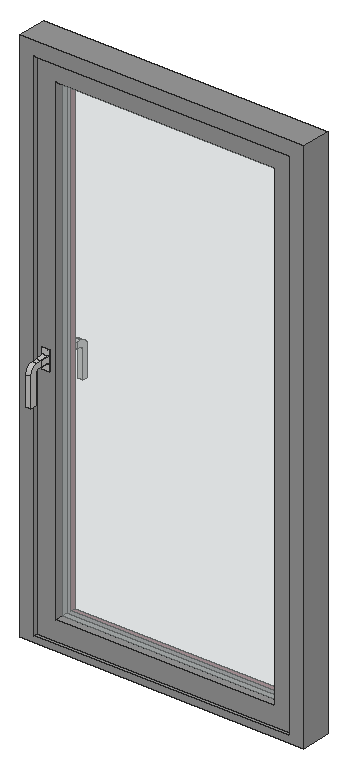
Revit family "Lian - Patio Door - Outward Opening - Wood-Aluminium", category Doors, host Wall, Revit 2017
Family settings
  Host = Wall
  Always vertical = Yes
  Cut with Voids When Loaded = No
  Shared = No
  Room Calculation Point = No
Parameters
  hosted on bimbear.com® = "www.bimbear.com"
  Width = [02.5 - Door Width]  # 1110 mm
  URL = "http://www.lian.no/"
  Type Comments = "Wood Aluminium"
  Rough Width = [02 - Opening Width]  # 1110 mm
  Rough Height = [01 - Opening Height]  # 2110 mm
  Opening Lines = yes
  OFS = [07 - Offset] + 1500 mm  # 1500 mm
  Model = "Patio Door - Outward Opening"
  Manufacturer = "Lian"
  Height = [01.5 - Door Height]  # 2110 mm
  Construction Type = ""
  Assembly Code = ""
  Analytic Construction = "<None>"
  11 - Sound Transmission Class = ""
  10 - Fire Rating = ""
  08 - Sealant Gap = 0 mm
  07 - Offset = 0 mm
  05.5 - Material Glass = Glass
  05.2 - Material Interior Frame = NCS S 0500-N
  05.1 - Material Exterior Frame = RAL 9005
  02.5 - Door Width = [02 - Opening Width] - [08 - Sealant Gap] * 2  # 1110 mm
  02 - Opening Width = 1110 mm
  01.5 - Door Height = [01 - Opening Height] - [08 - Sealant Gap]  # 2110 mm
  01 - Opening Height = 2110 mm
Reference planes
  plane 1 "Wall": y = 0
  plane 2 "Center (Left/Right)": x = 125
  plane 3 "Back": y = 75
  plane 4: x = -430
  plane 5: z = 2110
  plane 6: x = 680
  plane 7: x = -430
  plane 8: z = 0
  plane 9: x = 680
  plane 10: z = 2110
  plane 11 "Vindu": y = 0
  plane 12: y = -1500
  plane 13: z = 900
  plane 14: y = -75
  plane 15: y = -73.225
  plane 16: z = 1055
Forms (mm)
  Sweep 1, solid, material "NCS S 0500-N" <- "05.2 - Material Interior Frame"
    path origin (0, 0, 0) x (0, 0, -1) y (-1, 0, 0)
      loop
        line (0, -680) -> (-2110, -680) -> (-2110, 430) -> (0, 430)
    profile origin (125, 0, 2110) x (0, 0, 1) y (0, 1, 0)
      loop
        line (0, 27.016) -> (-35.824, 27.016) -> (-35.824, 15.799) -> (-43.802, 15.799) -> (-43.802, 27.016) -> (-122.719, 27.016) -> (-126.036, 0) -> (-112, 0) -> (-112, -44) -> (-126.143, -44) -> (-126.143, -73.284) -> (-55, -73.284) -> (-55, -88.484) -> (0, -88.484) -> (0, 27.016)
  Extrusion 2, solid, material "Glass" <- "05.5 - Material Glass"
    sketch origin (0, 0, 0) x (1, 0, 0) y (0, 1, 0)
      loop
        line (568, 0) -> (-318, 0) -> (-318, -44) -> (568, -44) -> (568, 0)
    from 84.145 to 1997.964
  Extrusion 3, solid, material "NCS S 0500-N" <- "05.2 - Material Interior Frame"
    sketch origin (125, 0, 0) x (0, 1, 0) y (0, 0, 1)
      loop
        line (27.016, 0) -> (27.016, 92.693) -> (0, 96.01) -> (0, 84.145) -> (-44, 84.145) -> (-44, 98.204) -> (-73.225, 98.204) -> (-73.225, 23.159) -> (-88.484, 23.159) -> (-88.484, 0) -> (27.016, 0)
    from -511.198 to 511.198
  Extrusion 4, void
    sketch origin (-350, 15.799, 2100) x (0, 0, -1) y (0, -1, 0)
      loop
        line (2100, -11.217) -> (2100, 3.846) -> (2085.905, 3.846) -> (2085.905, -11.217) -> (2100, -11.217)
    from 44.176 to -994.176
Cuts and joins
  Extrusion 4 cuts Sweep 1
  Extrusion 4 cuts Extrusion 3
  joined: Sweep 1, Extrusion 3
Lines and regions (mm)
  Opening 1
    outline origin (-5000, -75, 0) x (1, 0, 0) y (0, 0, 1)
      loop
        line (5680, 2110) -> (4570, 2110) -> (4570, 0) -> (5680, 0) -> (5680, 2110)
  symbolic lines, detail levels coarse
    curve 1: line (125, 0, 0) -> (125, 0, 2110)
  symbolic lines, style "Opening Lines", visible <- "Opening Lines"
    curve 2: line (-375, 0, 1000.083) -> (625, 0, 2055)
    curve 3: line (-375, 0, 1000.083) -> (625, 0, 23.159)
  symbolic lines, style "Doors", detail levels coarse
    curve 4: line (680, 1185, 0) -> (680, 75, 0)
    curve 5: arc (-430, 75, 0) -> (-104.889, 859.889, 0) -> (680, 1185, 0) r 1110
  symbolic lines, style "Doors", detail levels medium+fine
    curve 6: arc (-386.198, 26.275, 0) -> (-86.745, 749.219, 0) -> (636.198, 1048.672, 0) r 1022.397
    curve 7: line (636.198, 1048.672, 0) -> (636.198, 26.275, 0)
Text (mm)
  text "Placement Side" at (-1848.837, 1116.779, 0), in view "Ref. Level"
  text "Placement side" at (0, 1409.804, 2854.306), in view "Left"
  text "Placement side" at (0, 499.811, 2980.732), in view "Right"
Dimensions and locks
  locked: plane 3 "Back" to host wall
  equal spacing: plane 6, plane 2 "Center (Left/Right)", plane 4
  "Rough Width": plane 6 to plane 4
  "Rough Height": level to plane 5
  "08 - Sealant Gap": plane 4 to plane 7
  "08 - Sealant Gap": plane 5 to plane 10
  "08 - Sealant Gap": plane 6 to plane 9
  plane 1 "Wall" to plane 12 = 1500 mm
  "OFS": plane 11 "Vindu" to plane 12
  locked: plane 13 to level at 900
  plane 8 to nested 2 = 1000 mm
  plane 9 to nested 2 = 1020 mm
  locked: nested 2 to plane 8 at 1000
  locked: plane 7 to nested 1 at 112
  locked: plane 8 to nested 4 at 84.145
  plane 7 to Extrusion 2 sketch curve = 112 mm
  Extrusion 2 sketch curve to plane 9 = 112 mm
  locked: plane 11 "Vindu" to Extrusion 2 sketch curve at 44
  plane 7 to nested 2 = 90 mm
  locked: plane 15 to plane 11 "Vindu" at 73.225
  equal spacing: plane 8, plane 16, plane 5
  locked: nested 1 to plane 9 at 112
  locked: plane 5 to nested 4 at 112
  locked: Extrusion 3 to plane 7 at 43.802
  locked: plane 9 to Extrusion 3 at 43.802
  locked: plane 5 to Extrusion 2 at 112.036
  locked: plane 8 to Extrusion 2 at 84.145
  locked: Extrusion 2 to plane 9 at 112
  locked: plane 7 to Extrusion 2 at 112
  plane 7 to cut or joined group of Sweep 1, Extrusion 3, Extrusion 4 = 43.802 mm  (x2)
  plane 9 to cut or joined group of Sweep 1, Extrusion 3, Extrusion 4 = 43.802 mm
  locked: plane 7 to cut or joined group of Sweep 1, Extrusion 3, Extrusion 4 at 35.824
  locked: plane 9 to cut or joined group of Sweep 1, Extrusion 3, Extrusion 4 at 35.824
  locked: Extrusion 3 sketch curve to plane 11 "Vindu" at 27.016
  plane 15 to cut or joined group of Sweep 1, Extrusion 3, Extrusion 4 = 15.259 mm
  locked: plane 15 to Extrusion 3 sketch curve at 15.259
  locked: plane 7 to nested 2 at 90
  locked: plane 7 to nested 8 at 90
  locked: plane 8 to nested 8 at 988.851
  aligned and locked: plane 1 "Wall" to host wall
  aligned and locked: Opening 1 sketch curve to plane 6
  aligned and locked: level to Opening 1 sketch curve
  aligned and locked: Opening 1 sketch curve to plane 4
  aligned and locked: Opening 1 sketch curve to plane 10
  aligned and locked: plane 8 to curve 1
  aligned and locked: plane 10 to curve 1
  aligned and locked: nested 3 to plane 5
  aligned and locked: nested 3 to plane 11 "Vindu"
  aligned and locked: nested 4 to plane 11 "Vindu"
  aligned and locked: plane 11 "Vindu" to nested 5
  aligned and locked: nested 5 to plane 7
  aligned and locked: plane 11 "Vindu" to nested 6
  aligned and locked: nested 6 to plane 9
  aligned and locked: Sweep 1 sketch curve to plane 5  (x2)
  aligned and locked: Sweep 1 sketch curve to plane 9
  aligned and locked: Sweep 1 sketch curve to plane 7
  aligned and locked: plane 11 "Vindu" to Extrusion 2 sketch curve
  aligned and locked: plane 14 to host wall
  aligned and locked: nested 1 to plane 11 "Vindu"
  aligned and locked: plane 8 to nested 7
  aligned and locked: plane 11 "Vindu" to nested 7
  aligned and locked: Sweep 1 sketch curve to nested 3  (x11)
  aligned and locked: nested 3 to Sweep 1 sketch curve  (x2)
  aligned and locked: Extrusion 3 sketch curve to nested 7  (x4)
  aligned and locked: plane 8 to Extrusion 3 sketch curve
  aligned and locked: Extrusion 3 sketch curve to nested 4
  aligned and locked: Extrusion 4 sketch curve to nested 7
  aligned and locked: plane 8 to Extrusion 4 sketch curve
  aligned and locked: nested 7 to Extrusion 4 sketch curve
  aligned and locked: cut or joined group of Sweep 1, Extrusion 3, Extrusion 4 to Extrusion 4 sketch curve
  aligned and locked: Extrusion 3 sketch curve to plane 15
  aligned and locked: curve 4 to plane 6
  aligned and locked: curve 5 to host wall
  aligned and locked: plane 3 "Back" to curve 4
  aligned and locked: nested 6 to curve 7
Automatic sketch dimensions
  curve 1 to host wall = 0 mm
  Sweep 1 sketch curve to level = 0 mm  (x2)
  curve 2 to plane 5 = 55 mm
  plane 16 to curve 3 = 54.917 mm
  curve 3 to plane 7 = 55 mm
  level to curve 3 = 23.159 mm
  curve 3 to plane 9 = 55 mm
  level to Extrusion 3 sketch curve = 23.159 mm
  curve 5 to host wall = 0 mm
  curve 6 to plane 9 = 43.802 mm
  curve 6 to plane 7 = 43.802 mm
  curve 6 to curve 7 = 0 mm
  curve 2 to plane 6 = 55 mm
Nested families
  nested 1: "3Glass" at (-318, 0, 0) x (0, -1, 0) z (0, 0, 1), type "3Glass"
    with h 886 mm
  nested 2: "Håndtak" at (-340, -73.225, 1000) x (0, 0, -1) z (0, -1, 0), type "Håndtak"
  nested 3: "BDU-A-3-9" at (96.985, 0, 2110) x (0, 1, 0) z (1, 0, 0), type "BDU-A-3-9"
  nested 4: "3Glass" at (96.985, 0, 84.145) x (0, -1, 0) z (-1, 0, 0), type "3Glass"
    with h 1913.855 mm
  nested 5: "BDU-A-3-9" at (-430, 0, 0) x (0, 1, 0) z (0, 0, 1), type "BDU-A-3-9"
  nested 6: "BDU-A-3-9" at (680, 0, 0) x (0, 1, 0) z (0, 0, -1), type "BDU-A-3-9"
  nested 7: "BDU-A-6" at (125, 0, 0) x (0, 1, 0) z (1, 0, 0), type "BDU-A-6"
  nested 8: "Håndtak" at (-340, 27.016, 988.851) x (0, 0, -1) z (0, 1, 0), type "Håndtak"
Definition of nested family "Håndtak"
  Parameters (values of type "Håndtak")
    Default Elevation = 1219.2 mm
  Reference planes
    plane 1 "Center (Front/Back)": y = 0
    plane 2: z = 0
    plane 3 "Center (Left/Right)": x = 0
  Forms (mm)
    Extrusion 1, solid
      sketch origin (0, 0, 0) x (1, 0, 0) y (0, 1, 0)
        loop
          line (-1219.2, 1219.2) -> (-1219.2, -1219.2) -> (1219.2, -1219.2) -> (1219.2, 1219.2) -> (-1219.2, 1219.2)
      from 0 to -304.8
    Blend 2, solid
      base sketch origin (0, 0, 0) x (1, 0, 0) y (0, 1, 0)
        loop
          arc (14, 9.662) -> (13.169, 11.669) -> (11.162, 12.5) r 2.838
          line (11.162, 12.5) -> (-11.162, 12.5)
          arc (-11.162, 12.5) -> (-13.169, 11.669) -> (-14, 9.662) r 2.838
          line (-14, 9.662) -> (-14, -9.662)
          arc (-14, -9.662) -> (-13.169, -11.669) -> (-11.162, -12.5) r 2.838
          line (-11.162, -12.5) -> (11.162, -12.5)
          arc (11.162, -12.5) -> (13.169, -11.669) -> (14, -9.662) r 2.838
          line (14, -9.662) -> (14, 9.662)
      top sketch origin (0, 0, 0) x (1, 0, 0) y (0, 1, 0)
        loop
          line (11, 9.5) -> (-11, 9.5) -> (-11, -9.5) -> (11, -9.5) -> (11, 9.5)
      from 0 to 35.908
    Sweep 3, solid
      path origin (0, 0, 0) x (1, 0, 0) y (0, 0, 1)
        loop
          line (0, 35.908) -> (0, 55.908)
          arc (0, 55.908) -> (5.858, 70.05) -> (20, 75.908) r 20
          line (20, 75.908) -> (133, 75.908)
      profile origin (0, 0, 45.908) x (-1, 0, 0) y (0, -1, 0)
        loop
          line (-11, -9.5) -> (11, -9.5) -> (11, 9.5) -> (-11, 9.5) -> (-11, -9.5)
    Extrusion 4, solid
      sketch origin (0, 0, 0) x (1, 0, 0) y (0, 1, 0)
        loop
          line (-36.932, 15.592) -> (-36.932, -15.658) -> (38.068, -15.658) -> (38.068, 15.592) -> (-36.932, 15.592)
      from 0 to 2.754
  Cuts and joins
    joined: Blend 2, Sweep 3, Extrusion 4
  Dimensions and locks
    aligned and locked: plane 2 to Extrusion 1
    aligned and locked: level to Extrusion 1
Definition of nested family "3Glass"
  Parameters (values of type "3Glass")
    h [instance] = 126.931 mm
  Reference planes
    plane 1 "Center (Front/Back)": y = 0
    plane 2: z = 0
    plane 3 "Center (Left/Right)": x = 0
    plane 4: y = 126.931
  Lines and regions (mm)
    Filled region 1, type "Glass Hatch", in view "Ref. Level", detail levels fine
      outline origin (305.983, -18.8, 0) x (1, 0, 0) y (0, 1, 0)
        loop
          line (-261.983, 18.8) -> (-261.983, 145.731) -> (-265.983, 145.731) -> (-265.983, 18.8) -> (-261.983, 18.8)
        loop
          line (-281.983, 18.8) -> (-281.983, 145.731) -> (-285.983, 145.731) -> (-285.983, 18.8) -> (-281.983, 18.8)
        loop
          line (-301.983, 18.8) -> (-301.983, 145.731) -> (-305.983, 145.731) -> (-305.983, 18.8) -> (-301.983, 18.8)
    Masking region 1, in view "Ref. Level", detail levels medium
      outline origin (0, 0, 0) x (1, 0, 0) y (0, 1, 0)
        loop
          line (44, 0) -> (44, 126.931) -> (0, 126.931) -> (0, 0) -> (44, 0)
    Masking region 2, in view "Ref. Level", detail levels fine
      outline origin (0, 0, 0) x (1, 0, 0) y (0, 1, 0)
        loop
          line (4, 12) -> (4, 0) -> (20, 0) -> (20, 12) -> (4, 12)
        loop
          line (6, 10) -> (6, 2) -> (18, 2) -> (18, 10) -> (6, 10)
        loop
          line (24, 12) -> (24, 0) -> (40, 0) -> (40, 12) -> (24, 12)
        loop
          line (38, 2) -> (38, 10) -> (26, 10) -> (26, 2) -> (38, 2)
    Masking region 3, in view "Ref. Level", detail levels fine
      outline origin (0, 126.931, 0) x (0, -1, 0) y (1, 0, 0)
        loop
          line (12, 4) -> (12, 20) -> (0, 20) -> (0, 4) -> (12, 4)
        loop
          line (10, 6) -> (10, 18) -> (2, 18) -> (2, 6) -> (10, 6)
        loop
          line (12, 24) -> (12, 40) -> (0, 40) -> (0, 24) -> (12, 24)
        loop
          line (2, 38) -> (2, 26) -> (10, 26) -> (10, 38) -> (2, 38)
  Dimensions and locks
    "h": plane 1 "Center (Front/Back)" to plane 4
    aligned and locked: plane 4 to Filled region 1  (x3)
    aligned and locked: plane 1 "Center (Front/Back)" to Filled region 1  (x3)
    aligned and locked: Filled region 1 sketch curve to plane 1 "Center (Front/Back)"  (x3)
    aligned and locked: plane 4 to Masking region 1
  Automatic sketch dimensions
    Filled region 1 sketch curve to plane 3 "Center (Left/Right)" = 0 mm
    Filled region 1 sketch curve to plane 4 = 0 mm  (x3)
    plane 3 "Center (Left/Right)" to Filled region 1 sketch curve = 4 mm
    Filled region 1 sketch curve to Filled region 1 sketch curve = 16 mm  (x2)
    Filled region 1 sketch curve to Filled region 1 sketch curve = 4 mm  (x2)
    Masking region 1 sketch curve to plane 3 "Center (Left/Right)" = 0 mm
    plane 3 "Center (Left/Right)" to Masking region 1 sketch curve = 44 mm
    plane 1 "Center (Front/Back)" to Masking region 2 sketch curve = 0 mm  (x2)
    plane 3 "Center (Left/Right)" to Masking region 2 sketch curve = 4 mm
    Masking region 2 sketch curve to Masking region 2 sketch curve = 2 mm  (x6)
    Masking region 2 sketch curve to Masking region 2 sketch curve = 12 mm  (x2)
    Masking region 2 sketch curve to Masking region 2 sketch curve = 4 mm
    Masking region 2 sketch curve to plane 1 "Center (Front/Back)" = 2 mm  (x2)
    Masking region 2 sketch curve to Masking region 2 sketch curve = 8 mm  (x2)
    Masking region 3 sketch curve to plane 4 = 0 mm  (x2)
    Masking region 3 sketch curve to plane 4 = 2 mm  (x2)
    Masking region 3 sketch curve to Masking region 3 sketch curve = 8 mm  (x2)
    Masking region 3 sketch curve to Masking region 3 sketch curve = 2 mm  (x6)
    plane 3 "Center (Left/Right)" to Masking region 3 sketch curve = 4 mm
    Masking region 3 sketch curve to Masking region 3 sketch curve = 12 mm  (x2)
    Masking region 3 sketch curve to Masking region 3 sketch curve = 4 mm
    plane 4 to Masking region 1 sketch curve = 0 mm
    plane 1 "Center (Front/Back)" to Masking region 1 sketch curve = 0 mm
Definition of nested family "BDU-A-3-9"
  Reference planes
    plane 1 "Center (Front/Back)": y = 0
    plane 2: z = 0
    plane 3 "Center (Left/Right)": x = 0
  Lines and regions (mm)
    Filled region 1, type "LianTre", in view "Ref. Level", detail levels fine
      outline origin (617.243, -211.023, 0) x (0, 1, 0) y (-1, 0, 0)
        loop
          line (176.029, 600.727) -> (209.023, 600.727)
          arc (209.023, 600.727) -> (210.437, 601.313) -> (211.023, 602.727) r 2
          line (211.023, 602.727) -> (211.023, 630.727) -> (210.023, 630.727) -> (210.023, 632.727)
          arc (210.023, 632.727) -> (209.144, 634.848) -> (207.023, 635.727) r 3
          line (207.023, 635.727) -> (203.023, 635.727) -> (203.023, 642.727) -> (207.023, 642.727)
          arc (207.023, 642.727) -> (209.144, 643.606) -> (210.023, 645.727) r 3
          line (210.023, 645.727) -> (210.023, 690.727) -> (211.023, 690.727) -> (211.023, 703.727)
          arc (211.023, 703.727) -> (210.437, 705.141) -> (209.023, 705.727) r 2
          line (209.023, 705.727) -> (203.023, 705.727)
          arc (203.023, 705.727) -> (202.316, 705.434) -> (202.023, 704.727) r 1
          line (202.023, 704.727) -> (202.023, 696.727) -> (192.023, 696.727) -> (192.023, 705.727) -> (158.023, 705.727)
          arc (158.023, 705.727) -> (156.609, 705.141) -> (156.023, 703.727) r 2
          line (156.023, 703.727) -> (156.023, 676.502) -> (174.023, 676.502) -> (174.023, 653.526)
          arc (174.023, 653.526) -> (174.268, 652.934) -> (174.86, 652.689) r 0.837
          line (174.86, 652.689) -> (178.888, 652.689) -> (178.888, 643.342) -> (174.947, 643.342)
          arc (174.947, 643.342) -> (174.293, 643.071) -> (174.023, 642.418) r 0.924
          line (174.023, 642.418) -> (174.023, 640.063) -> (175.07, 640.063) -> (176.647, 640.063) -> (176.647, 635.553) -> (176.647, 616.814) -> (174.823, 616.814)
          arc (174.823, 616.814) -> (174.257, 616.58) -> (174.023, 616.014) r 0.8
          line (174.023, 616.014) -> (174.023, 614.373)
          arc (174.023, 614.373) -> (174.241, 613.847) -> (174.767, 613.629) r 0.745
          line (174.767, 613.629) -> (178.888, 613.629) -> (178.888, 607.662) -> (175.326, 607.662)
          arc (175.326, 607.662) -> (174.404, 607.28) -> (174.023, 606.359) r 1.303
          line (174.023, 606.359) -> (174.023, 602.733)
          arc (174.023, 602.733) -> (174.61, 601.315) -> (176.029, 600.727) r 2.006
    Filled region 2, type "LianTre", in view "Ref. Level", detail levels fine
      outline origin (-15.259, 0, 0) x (1, 0, 0) y (0, 1, 0)
        loop
          arc (-56.447, -59.025) -> (-57.577, -59.658) -> (-58.025, -60.872) r 1.87
          line (-58.025, -60.872) -> (-58.025, -120.383)
          arc (-58.025, -120.383) -> (-57.675, -121.226) -> (-56.832, -121.576) r 1.193
          line (-56.832, -121.576) -> (-55.033, -121.576) -> (-55.033, -124.341)
          arc (-55.033, -124.341) -> (-54.505, -125.615) -> (-53.231, -126.143) r 1.801
          line (-53.231, -126.143) -> (-33.685, -126.143)
          arc (-33.685, -126.143) -> (-32.489, -125.647) -> (-31.994, -124.451) r 1.692
          line (-31.994, -124.451) -> (-31.994, -120.383) -> (-35.205, -120.383) -> (-35.205, -117.359) -> (-31.994, -117.359) -> (-31.994, -108.036) -> (28.298, -108.036)
          arc (28.298, -108.036) -> (30.25, -107.227) -> (31.058, -105.275) r 2.761
          line (31.058, -105.275) -> (31.058, -42.78)
          arc (31.058, -42.78) -> (30.588, -41.644) -> (29.452, -41.174) r 1.606
          line (29.452, -41.174) -> (27.277, -41.174)
          arc (27.277, -41.174) -> (26.676, -41.423) -> (26.427, -42.024) r 0.85
          line (26.427, -42.024) -> (26.427, -46.981) -> (21.421, -46.981) -> (21.421, -42.753)
          arc (21.421, -42.753) -> (21.195, -42.207) -> (20.649, -41.981) r 0.773
          line (20.649, -41.981) -> (15.67, -41.981)
          arc (15.67, -41.981) -> (15.237, -42.16) -> (15.058, -42.592) r 0.612
          line (15.058, -42.592) -> (15.058, -43.999) -> (-7.018, -43.999) -> (-7.018, -42.636)
          arc (-7.018, -42.636) -> (-7.257, -42.058) -> (-7.836, -41.818) r 0.818
          line (-7.836, -41.818) -> (-9.787, -41.818)
          arc (-9.787, -41.818) -> (-10.343, -42.049) -> (-10.574, -42.605) r 0.787
          line (-10.574, -42.605) -> (-10.574, -47.518) -> (-20.021, -47.518) -> (-20.021, -43.041)
          arc (-20.021, -43.041) -> (-20.47, -42.067) -> (-21.502, -41.776) r 1.281
          line (-21.502, -41.776) -> (-38.095, -44.404)
          arc (-38.095, -44.404) -> (-38.745, -44.768) -> (-39.003, -45.466) r 1.076
          line (-39.003, -45.466) -> (-39.003, -65.572) -> (-42.821, -65.572) -> (-42.821, -58.819)
          arc (-42.821, -58.819) -> (-43.406, -57.551) -> (-44.749, -57.172) r 1.668
          line (-44.749, -57.172) -> (-56.447, -59.025)
    Masking region 1, in view "Ref. Level", detail levels fine
      outline origin (-113.249, 379.083, 0) x (0, -1, 0) y (1, 0, 0)
        loop
          line (380.074, 140.265) -> (380.074, 138.965) -> (384.09, 138.965) -> (384.09, 136.986) -> (380.074, 136.986) -> (380.074, 135.665) -> (384.09, 135.665) -> (384.09, 131.765) -> (385.39, 131.765) -> (385.39, 138.965) -> (395.696, 138.965) -> (395.696, 131.765) -> (398.146, 131.765) -> (398.146, 133.04) -> (396.996, 133.845) -> (396.996, 136.662) -> (398.191, 136.662) -> (398.191, 137.663) -> (396.996, 137.663) -> (396.996, 138.965) -> (410.784, 138.965) -> (410.784, 137.663) -> (409.59, 137.663) -> (409.59, 136.662) -> (410.784, 136.662) -> (410.784, 133.845) -> (409.634, 133.04) -> (409.634, 131.765) -> (412.084, 131.765) -> (412.084, 138.965)
          arc (412.084, 138.965) -> (413.181, 138.511) -> (413.635, 137.414) r 1.551
          line (413.635, 137.414) -> (413.635, 131.765) -> (414.908, 131.765) -> (414.908, 137.626)
          arc (414.908, 137.626) -> (414.135, 139.492) -> (412.268, 140.265) r 2.639
          line (412.268, 140.265) -> (380.074, 140.265)
        loop
          line (422.885, 139.524) -> (422.885, 138.224) -> (426.885, 138.224) -> (426.885, 136.224) -> (422.885, 136.224) -> (422.885, 134.924) -> (426.885, 134.924) -> (426.885, 131.024) -> (428.185, 131.024) -> (428.185, 138.224) -> (438.538, 138.224) -> (438.538, 131.024) -> (440.988, 131.024) -> (440.988, 132.299) -> (439.838, 133.104) -> (439.838, 134.992) -> (440.87, 134.992) -> (440.87, 136.012) -> (439.838, 136.012) -> (439.838, 138.224) -> (453.646, 138.224) -> (453.646, 136.924) -> (452.457, 136.924) -> (452.457, 135.927) -> (453.646, 135.927) -> (453.646, 133.104) -> (452.496, 132.299) -> (452.496, 131.024) -> (454.946, 131.024) -> (454.946, 138.224) -> (463.538, 138.224) -> (463.538, 131.024) -> (465.988, 131.024) -> (465.988, 132.299) -> (464.838, 133.104) -> (464.838, 134.992) -> (465.87, 134.992) -> (465.87, 136.012) -> (464.838, 136.012) -> (464.838, 138.224) -> (478.646, 138.224) -> (478.646, 136.924) -> (477.457, 136.924) -> (477.457, 135.927) -> (478.646, 135.927) -> (478.646, 133.104) -> (477.496, 132.299) -> (477.496, 131.024) -> (479.946, 131.024) -> (479.946, 138.224) -> (494.601, 138.224) -> (494.601, 136.094) -> (496.019, 136.094) -> (496.019, 138.224) -> (500.743, 138.224) -> (500.974, 136.347) -> (498.432, 136.347) -> (498.432, 134.958) -> (501.144, 134.958) -> (503.154, 118.589)
          arc (503.154, 118.589) -> (502.582, 117.839) -> (501.82, 118.395) r 0.674
          arc (501.82, 118.395) -> (498.131, 121.262) -> (494.967, 117.824) r 3.45
          line (494.967, 117.824) -> (494.967, 117.024)
          arc (494.967, 117.024) -> (495.114, 116.671) -> (495.467, 116.524) r 0.5
          line (495.467, 116.524) -> (497.117, 116.524) -> (497.117, 117.829) -> (496.267, 117.829)
          arc (496.267, 117.829) -> (498.415, 119.974) -> (500.567, 117.835) r 2.15
          line (500.567, 117.835) -> (499.717, 117.835) -> (499.717, 116.524) -> (503.885, 116.524)
          arc (503.885, 116.524) -> (504.437, 116.772) -> (504.616, 117.35) r 0.736
          line (504.616, 117.35) -> (501.961, 138.976)
          arc (501.961, 138.976) -> (501.755, 139.367) -> (501.341, 139.524) r 0.624
          line (501.341, 139.524) -> (422.885, 139.524)
    Masking region 2, in view "Ref. Level", detail levels fine
      outline origin (-12.476, -4.007, 0) x (1, 0, 0) y (0, 1, 0)
        loop
          line (35.792, -23.7) -> (32.092, -25.9) -> (33.099, -27.337) -> (37.792, -24.55) -> (37.792, -17.05) -> (33.099, -14.263) -> (32.092, -15.7) -> (35.792, -17.9) -> (35.792, -23.7)
    Masking region 3, in view "Ref. Level", detail levels fine
      outline origin (-12.476, -45.607, 0) x (0, -1, 0) y (1, 0, 0)
        loop
          line (-18.9, 34.492) -> (-18.9, 28.992) -> (-11.45, 28.992) -> (-11.45, 30.992) -> (-15.107, 30.992) -> (-15.107, 32.432) -> (-15.902, 32.432) -> (-17.127, 34.492) -> (-18.9, 34.492)
    Masking region 4, in view "Ref. Level", detail levels fine
      outline origin (-12.476, -4.007, 0) x (1, 0, 0) y (0, 1, 0)
        loop
          line (28.992, -18.92) -> (28.992, -22.7) -> (35.792, -22.7) -> (35.792, -18.92) -> (28.992, -18.92)
    Masking region 5, in view "Ref. Level", detail levels fine
      outline origin (-12.476, -4.007, 0) x (1, 0, 0) y (0, 1, 0)
        loop
          line (34.492, -18.92) -> (34.492, -17.127) -> (32.432, -15.902) -> (32.432, -15.093) -> (30.992, -15.093) -> (30.992, -11.443) -> (28.992, -11.443) -> (28.992, -18.92) -> (34.492, -18.92)
    Filled region 3, type "Solid Fill - Black", in view "Ref. Level", detail levels fine
      outline origin (-1.43, -47.434, 0) x (0, 1, 0) y (-1, 0, 0)
        loop
          line (-71.113, -7.237) -> (-71.069, -6.175) -> (-70.717, -4.655) -> (-68.868, -4.605) -> (-67.509, -1.69) -> (-68.966, -2.855) -> (-71.921, -2.841) -> (-73.92, -1.68) -> (-73.689, -2.855) -> (-78.891, -2.832) -> (-80.365, -1.655) -> (-78.839, -4.655) -> (-72.978, -4.737) -> (-72.682, -6.246) -> (-72.682, -7.237) -> (-73.397, -6.903) -> (-72.893, -7.69) -> (-71.897, -8.155) -> (-70.836, -7.66) -> (-70.397, -6.903) -> (-71.113, -7.237)
    Masking region 6, in view "Ref. Level", detail levels fine
      outline origin (-13.217, -46.812, 0) x (1, 0, 0) y (0, 1, 0)
        loop
          line (35.792, -23.7) -> (32.092, -25.9) -> (33.099, -27.337) -> (37.792, -24.55) -> (37.792, -17.05) -> (33.099, -14.263) -> (32.092, -15.7) -> (35.792, -17.9) -> (35.792, -23.7)
    Masking region 7, in view "Ref. Level", detail levels fine
      outline origin (-13.217, -88.412, 0) x (0, -1, 0) y (1, 0, 0)
        loop
          line (-18.9, 34.492) -> (-18.9, 29.017) -> (-11.45, 29.017) -> (-11.45, 30.992) -> (-15.107, 30.992) -> (-15.107, 32.432) -> (-15.902, 32.432) -> (-17.127, 34.492) -> (-18.9, 34.492)
    Masking region 8, in view "Ref. Level", detail levels fine
      outline origin (-13.217, -46.812, 0) x (1, 0, 0) y (0, 1, 0)
        loop
          line (29.017, -18.92) -> (29.017, -22.7) -> (35.792, -22.7) -> (35.792, -18.92) -> (29.017, -18.92)
    Masking region 9, in view "Ref. Level", detail levels fine
      outline origin (-13.217, -46.812, 0) x (1, 0, 0) y (0, 1, 0)
        loop
          line (34.492, -18.92) -> (34.492, -17.127) -> (32.432, -15.902) -> (32.432, -15.093) -> (30.992, -15.093) -> (30.992, -11.443) -> (29.017, -11.443) -> (29.017, -18.92) -> (34.492, -18.92)
    Masking region 10, in view "Ref. Level", detail levels medium
      outline origin (-15.259, 0, 0) x (1, 0, 0) y (0, 1, 0)
        loop
          line (42.275, 0) -> (-73.225, 0) -> (-73.225, -55) -> (-44, -55) -> (-44, -39.318) -> (42.275, -39.318) -> (42.275, 0)
    Filled region 4, type "Solid Fill - Black", in view "Ref. Level", detail levels fine
      outline origin (-41.974, -7.793, 0) x (0.999999, 0.001364, 0) y (-0.001364, 0.999999, 0)
        loop
          line (-13.327, -55.276) -> (-12.844, -57.032) -> (-16.043, -54.476) -> (-12.844, -57.675) -> (-12.353, -56.251) -> (-12.339, -35.426)
          arc (-12.339, -35.426) -> (-12.486, -35.072) -> (-12.839, -34.925) r 0.5
          line (-12.839, -34.925) -> (-15.339, -34.925)
          arc (-15.339, -34.925) -> (-16.753, -35.511) -> (-17.339, -36.925) r 2
          arc (-17.339, -36.925) -> (-16.934, -41.675) -> (-17.339, -46.425) r 28.057
          arc (-17.339, -46.425) -> (-17.046, -47.132) -> (-16.339, -47.425) r 1
          line (-16.339, -47.425) -> (-13.827, -47.425)
          arc (-13.827, -47.425) -> (-13.474, -47.572) -> (-13.327, -47.925) r 0.5
          line (-13.327, -47.925) -> (-13.327, -55.276)
    Masking region 11, in view "Ref. Level", detail levels fine
      outline origin (-13.217, -71.812, 0) x (1, 0, 0) y (0, 1, 0)
        loop
          line (35.792, -23.7) -> (32.092, -25.9) -> (33.099, -27.337) -> (37.792, -24.55) -> (37.792, -17.05) -> (33.099, -14.263) -> (32.092, -15.7) -> (35.792, -17.9) -> (35.792, -23.7)
    Masking region 12, in view "Ref. Level", detail levels fine
      outline origin (-13.217, -113.412, 0) x (0, -1, 0) y (1, 0, 0)
        loop
          line (-18.9, 34.492) -> (-18.9, 29.017) -> (-11.45, 29.017) -> (-11.45, 30.992) -> (-15.107, 30.992) -> (-15.107, 32.432) -> (-15.902, 32.432) -> (-17.127, 34.492) -> (-18.9, 34.492)
    Masking region 13, in view "Ref. Level", detail levels fine
      outline origin (-13.217, -71.812, 0) x (1, 0, 0) y (0, 1, 0)
        loop
          line (29.017, -18.92) -> (29.017, -22.7) -> (35.792, -22.7) -> (35.792, -18.92) -> (29.017, -18.92)
    Masking region 14, in view "Ref. Level", detail levels fine
      outline origin (-13.217, -71.812, 0) x (1, 0, 0) y (0, 1, 0)
        loop
          line (34.492, -18.92) -> (34.492, -17.127) -> (32.432, -15.902) -> (32.432, -15.093) -> (30.992, -15.093) -> (30.992, -11.443) -> (29.017, -11.443) -> (29.017, -18.92) -> (34.492, -18.92)
    Masking region 15, in view "Ref. Level", detail levels medium
      outline origin (-15.259, 0, 0) x (1, 0, 0) y (0, 1, 0)
        loop
          line (42.275, -39.318) -> (-44, -39.318) -> (-44, -55) -> (-58.025, -55) -> (-58.025, -126.143) -> (-28.741, -126.143) -> (-28.741, -112) -> (15.259, -112) -> (15.259, -126.036) -> (42.275, -122.719) -> (42.275, -39.318)
    Filled region 5, type "Solid Fill - Black", in view "Ref. Level", detail levels fine
      outline origin (-42.31, -46.974, 0) x (1, 0, 0) y (0, 1, 0)
        loop
          line (-7.237, -71.113) -> (-6.903, -70.397) -> (-7.66, -70.836) -> (-8.155, -71.897) -> (-7.69, -72.893) -> (-6.903, -73.397) -> (-7.237, -72.682) -> (-6.246, -72.682) -> (-4.737, -72.978) -> (-4.655, -78.839) -> (-1.655, -80.365) -> (-2.832, -78.891) -> (-2.855, -73.689) -> (-1.68, -73.92) -> (-2.841, -71.921) -> (-2.855, -68.966) -> (-1.69, -67.509) -> (-4.605, -68.868) -> (-4.655, -70.717) -> (-6.175, -71.069) -> (-7.237, -71.113)
    detail lines, in view "Ref. Level", detail levels fine
      curve 1: line (-44, -112.036, 0) -> (-44, -108.036, 0)
      curve 2: line (0, -112.036, 0) -> (0, -108.036, 0)
      curve 3: line (0, -112.036, 0) -> (-44, -108.036, 0)
      curve 4: line (-44, -112.036, 0) -> (0, -108.036, 0)
Definition of nested family "BDU-A-6"
  Reference planes
    plane 1 "Center (Front/Back)": y = 0
    plane 2: z = 0
    plane 3 "Center (Left/Right)": x = 0
  Lines and regions (mm)
    Filled region 1, type "LianTre", in view "Ref. Level", detail levels fine
      outline origin (-15.067, -27.737, 0) x (0, -1, 0) y (1, 0, 0)
        loop
          line (-59.021, -56.701) -> (-57.172, -45.032)
          arc (-57.172, -45.032) -> (-57.551, -43.688) -> (-58.819, -43.104) r 1.668
          line (-58.819, -43.104) -> (-65.572, -43.104) -> (-65.572, -39.072) -> (-45.466, -39.072)
          arc (-45.466, -39.072) -> (-44.768, -38.815) -> (-44.404, -38.165) r 1.076
          line (-44.404, -38.165) -> (-41.776, -21.572)
          arc (-41.776, -21.572) -> (-42.067, -20.539) -> (-43.041, -20.09) r 1.281
          line (-43.041, -20.09) -> (-47.518, -20.09) -> (-47.518, -10.643) -> (-42.605, -10.643)
          arc (-42.605, -10.643) -> (-42.049, -10.413) -> (-41.818, -9.856) r 0.787
          line (-41.818, -9.856) -> (-41.818, -7.905)
          arc (-41.818, -7.905) -> (-42.058, -7.327) -> (-42.636, -7.087) r 0.818
          line (-42.636, -7.087) -> (-43.999, -7.087) -> (-43.999, 14.903) -> (-42.444, 14.903)
          arc (-42.444, 14.903) -> (-42.011, 15.082) -> (-41.832, 15.515) r 0.612
          line (-41.832, 15.515) -> (-41.832, 20.542)
          arc (-41.832, 20.542) -> (-42.059, 21.089) -> (-42.605, 21.315) r 0.773
          line (-42.605, 21.315) -> (-46.981, 21.315) -> (-46.981, 24.427) -> (-42.682, 24.427)
          arc (-42.682, 24.427) -> (-42.081, 24.676) -> (-41.832, 25.277) r 0.85
          line (-41.832, 25.277) -> (-41.832, 29.57)
          arc (-41.832, 29.57) -> (-42.303, 30.706) -> (-43.438, 31.176) r 1.606
          line (-43.438, 31.176) -> (-98.345, 31.176)
          arc (-98.345, 31.176) -> (-99.67, 30.674) -> (-100.33, 29.42) r 2
          line (-100.33, 29.42) -> (-107.871, -31.994) -> (-117.359, -31.994) -> (-117.359, -35.205) -> (-120.383, -35.205) -> (-120.383, -31.994) -> (-124.918, -31.994)
          arc (-124.918, -31.994) -> (-125.641, -32.293) -> (-125.941, -33.016) r 1.023
          line (-125.941, -33.016) -> (-125.941, -53.089)
          arc (-125.941, -53.089) -> (-125.324, -54.578) -> (-123.836, -55.194) r 2.105
          line (-123.836, -55.194) -> (-121.534, -55.194) -> (-121.534, -56.958)
          arc (-121.534, -56.958) -> (-121.147, -57.892) -> (-120.214, -58.278) r 1.32
          line (-120.214, -58.278) -> (-60.868, -58.278)
          arc (-60.868, -58.278) -> (-59.653, -57.83) -> (-59.021, -56.701) r 1.87
        loop
          line (-27.737, -44.206) -> (-34.822, -44.206) -> (-34.822, -53.138) -> (-37.737, -53.138) -> (-37.737, -44.206) -> (-50.896, -44.206) -> (-50.896, -71.02)
          arc (-50.896, -71.02) -> (-50.247, -72.588) -> (-48.678, -73.238) r 2.218
          line (-48.678, -73.238) -> (-27.737, -73.238) -> (-27.737, -44.206)
    Masking region 1, in view "Ref. Level", detail levels medium
      outline origin (-15.259, 0, 0) x (0, -1, 0) y (1, 0, 0)
        loop
          line (0, 27.213) -> (-14.081, 27.213) -> (-14.081, -41.213) -> (-23.159, -41.213) -> (-23.159, -73.046) -> (0, -73.046) -> (0, 27.213)
    Filled region 2, type "Solid Fill - Black", in view "Ref. Level", detail levels fine
      outline origin (-41.851, -18.092, 0) x (-0.001364, -0.999999, 0) y (0.999999, -0.001364, 0)
        loop
          line (-53.234, -13.327) -> (-47.925, -13.327)
          arc (-47.925, -13.327) -> (-47.572, -13.474) -> (-47.425, -13.827) r 0.5
          line (-47.425, -13.827) -> (-47.425, -16.339)
          arc (-47.425, -16.339) -> (-47.132, -17.046) -> (-46.425, -17.339) r 1
          arc (-46.425, -17.339) -> (-41.675, -16.934) -> (-36.925, -17.339) r 28.057
          arc (-36.925, -17.339) -> (-35.511, -16.753) -> (-34.925, -15.339) r 2
          line (-34.925, -15.339) -> (-34.925, -12.839)
          arc (-34.925, -12.839) -> (-35.072, -12.486) -> (-35.426, -12.339) r 0.5
          line (-35.426, -12.339) -> (-54.223, -12.352) -> (-55.644, -12.841) -> (-52.445, -16.041) -> (-55.001, -12.841) -> (-53.234, -13.327)
    Filled region 3, type "Solid Fill - Black", in view "Ref. Level", detail levels fine
      outline origin (-42.57, 19.195, 0) x (0, -1, 0) y (1, 0, 0)
        loop
          line (-71.113, -7.237) -> (-71.069, -6.175) -> (-70.717, -4.655) -> (-68.868, -4.605) -> (-67.509, -1.69) -> (-68.966, -2.855) -> (-71.921, -2.841) -> (-73.92, -1.68) -> (-73.689, -2.855) -> (-78.891, -2.832) -> (-80.365, -1.655) -> (-78.839, -4.655) -> (-72.978, -4.737) -> (-72.682, -6.246) -> (-72.682, -7.237) -> (-73.397, -6.903) -> (-72.893, -7.69) -> (-71.897, -8.155) -> (-70.836, -7.66) -> (-70.397, -6.903) -> (-71.113, -7.237)
    Masking region 2, in view "Ref. Level", detail levels fine
      outline origin (26.951, 110.432, 0) x (1, 0, 0) y (0, 1, 0)
        loop
          line (-17.786, -104.967) -> (-45.126, -103.534) -> (-45.126, -102.455) -> (-86.24, -100.432) -> (-88.968, -101.163) -> (-89.699, -100.432) -> (-91.446, -101.102) -> (-91.915, -100.432) -> (-93.924, -100.97) -> (-93.924, -102.697) -> (-91.769, -103.347) -> (-91.339, -102.602) -> (-89.186, -103.347) -> (-88.904, -102.532) -> (-86.202, -103.347) -> (-86.24, -110.432) -> (-83.55, -110.432) -> (-83.55, -103.985)
          arc (-83.55, -103.985) -> (-83.252, -103.291) -> (-82.543, -103.027) r 0.959
          line (-82.543, -103.027) -> (-68.268, -103.73)
          arc (-68.268, -103.73) -> (-67.407, -104.124) -> (-67.055, -105.004) r 1.275
          line (-67.055, -105.004) -> (-67.055, -110.432) -> (-64.631, -110.432) -> (-64.631, -105.851)
          arc (-64.631, -105.851) -> (-64.347, -105.164) -> (-63.66, -104.88) r 0.971
          line (-63.66, -104.88) -> (-48.585, -104.88)
          arc (-48.585, -104.88) -> (-47.898, -105.164) -> (-47.614, -105.851) r 0.971
          line (-47.614, -105.851) -> (-47.614, -110.432) -> (-45.126, -110.432) -> (-45.126, -107.205)
          arc (-45.126, -107.205) -> (-44.756, -106.343) -> (-43.875, -106.018) r 1.189
          line (-43.875, -106.018) -> (-35.156, -106.475)
          arc (-35.156, -106.475) -> (-34.305, -106.867) -> (-33.958, -107.737) r 1.264
          line (-33.958, -107.737) -> (-33.958, -110.432) -> (-26.542, -110.432)
          arc (-26.542, -110.432) -> (-25.936, -109.862) -> (-26.468, -109.222) r 0.607
          line (-26.468, -109.222) -> (-31.582, -108.594) -> (-31.582, -106.662) -> (-17.58, -107.396) -> (-17.58, -109.399) -> (-14.998, -109.399) -> (-14.998, -107.905)
          arc (-14.998, -107.905) -> (-15.806, -105.88) -> (-17.786, -104.967) r 2.942
    Masking region 3, in view "Ref. Level", detail levels medium
      outline origin (0, 0, 0) x (1, 0, 0) y (0, 1, 0)
        loop
          line (-73.346, 98.204) -> (-73.346, 23.159) -> (-56.472, 23.159) -> (-56.472, 14.081) -> (26.05, 14.081) -> (26.05, 92.812) -> (0, 96.01) -> (0, 84.145) -> (-44.069, 84.145) -> (-44.069, 98.204) -> (-73.346, 98.204)
    Masking region 4, in view "Ref. Level", detail levels fine
      outline origin (-98.215, -400.432, 0) x (1, 0, 0) y (0, 1, 0)
        loop
          line (124.265, 414.147) -> (124.265, 492.531)
          arc (124.265, 492.531) -> (124.108, 492.945) -> (123.717, 493.151) r 0.624
          line (123.717, 493.151) -> (102.091, 495.806)
          arc (102.091, 495.806) -> (101.514, 495.627) -> (101.265, 495.076) r 0.736
          line (101.265, 495.076) -> (101.265, 490.908) -> (102.576, 490.908) -> (102.576, 491.758)
          arc (102.576, 491.758) -> (104.715, 489.605) -> (102.57, 487.458) r 2.15
          line (102.57, 487.458) -> (102.57, 488.308) -> (101.265, 488.308) -> (101.265, 486.658)
          arc (101.265, 486.658) -> (101.412, 486.304) -> (101.765, 486.158) r 0.5
          line (101.765, 486.158) -> (102.565, 486.158)
          arc (102.565, 486.158) -> (106.003, 489.321) -> (103.136, 493.01) r 3.45
          arc (103.136, 493.01) -> (102.58, 493.772) -> (103.33, 494.344) r 0.674
          line (103.33, 494.344) -> (122.965, 491.933) -> (122.965, 470.333) -> (115.99, 470.333) -> (115.99, 467.783) -> (117.195, 467.783) -> (118.07, 469.033) -> (120.668, 469.033) -> (120.668, 467.844) -> (121.665, 467.844) -> (121.665, 469.033) -> (122.965, 469.033) -> (122.965, 455.233) -> (120.753, 455.233) -> (120.753, 456.265) -> (119.733, 456.265) -> (119.733, 455.233) -> (118.07, 455.233) -> (117.265, 456.383) -> (115.99, 456.383) -> (115.99, 453.933) -> (122.965, 453.933) -> (122.965, 446.115) -> (115.99, 446.115) -> (115.99, 443.565) -> (117.195, 443.565) -> (118.07, 444.815) -> (120.668, 444.815) -> (120.668, 443.626) -> (121.665, 443.626) -> (121.665, 444.815) -> (122.965, 444.815) -> (122.965, 431.015) -> (120.753, 431.015) -> (120.753, 432.046) -> (119.733, 432.046) -> (119.733, 431.015) -> (118.07, 431.015) -> (117.265, 432.165) -> (115.99, 432.165) -> (115.99, 429.715) -> (122.965, 429.715) -> (122.965, 419.447) -> (115.765, 419.447) -> (115.765, 418.147) -> (119.665, 418.147) -> (119.665, 414.147) -> (120.965, 414.147) -> (120.965, 418.147) -> (122.965, 418.147) -> (122.965, 414.147) -> (124.265, 414.147)
    Filled region 4, type "Solid Fill - Black", in view "Ref. Level", detail levels fine
      outline origin (-1.655, 17.278, 0) x (-1, 0, 0) y (0, -1, 0)
        loop
          line (-7.237, -71.113) -> (-6.903, -70.397) -> (-7.66, -70.836) -> (-8.155, -71.897) -> (-7.69, -72.893) -> (-6.903, -73.397) -> (-7.237, -72.682) -> (-6.246, -72.682) -> (-4.737, -72.978) -> (-4.655, -78.839) -> (-1.655, -80.365) -> (-2.832, -78.891) -> (-2.855, -73.689) -> (-1.68, -73.92) -> (-2.841, -71.921) -> (-2.855, -68.966) -> (-1.69, -67.509) -> (-4.605, -68.868) -> (-4.655, -70.717) -> (-6.175, -71.069) -> (-7.237, -71.113)
    Masking region 5, in view "Ref. Level", detail levels fine
      outline origin (-13.217, 40.858, 0) x (0, -1, 0) y (1, 0, 0)
        loop
          line (-23.7, 35.792) -> (-17.9, 35.792) -> (-15.7, 32.092) -> (-14.263, 33.099) -> (-17.05, 37.792) -> (-24.55, 37.792) -> (-27.337, 33.099) -> (-25.9, 32.092) -> (-23.7, 35.792)
    Masking region 6, in view "Ref. Level", detail levels fine
      outline origin (-13.217, 82.458, 0) x (1, 0, 0) y (0, 1, 0)
        loop
          line (34.492, -18.9) -> (34.492, -17.127) -> (32.432, -15.902) -> (32.432, -15.107) -> (30.992, -15.107) -> (30.992, -11.45) -> (29.326, -11.45) -> (29.326, -18.9) -> (34.492, -18.9)
    Masking region 7, in view "Ref. Level", detail levels fine
      outline origin (-13.217, 40.858, 0) x (0, -1, 0) y (1, 0, 0)
        loop
          line (-18.92, 29.326) -> (-18.92, 35.792) -> (-22.7, 35.792) -> (-22.7, 29.326) -> (-18.92, 29.326)
    Masking region 8, in view "Ref. Level", detail levels fine
      outline origin (-13.217, 40.858, 0) x (0, -1, 0) y (1, 0, 0)
        loop
          line (-18.92, 34.492) -> (-18.92, 29.326) -> (-11.443, 29.326) -> (-11.443, 30.992) -> (-15.093, 30.992) -> (-15.093, 32.432) -> (-15.902, 32.432) -> (-17.127, 34.492) -> (-18.92, 34.492)
    Masking region 9, in view "Ref. Level", detail levels fine
      outline origin (-13.217, 16.639, 0) x (0, -1, 0) y (1, 0, 0)
        loop
          line (-23.7, 35.792) -> (-17.9, 35.792) -> (-15.7, 32.092) -> (-14.263, 33.099) -> (-17.05, 37.792) -> (-24.55, 37.792) -> (-27.337, 33.099) -> (-25.9, 32.092) -> (-23.7, 35.792)
    Masking region 10, in view "Ref. Level", detail levels fine
      outline origin (-13.217, 58.239, 0) x (1, 0, 0) y (0, 1, 0)
        loop
          line (34.492, -18.9) -> (34.492, -17.127) -> (32.432, -15.902) -> (32.432, -15.107) -> (30.992, -15.107) -> (30.992, -11.45) -> (29.326, -11.45) -> (29.326, -18.9) -> (34.492, -18.9)
    Masking region 11, in view "Ref. Level", detail levels fine
      outline origin (-13.217, 16.639, 0) x (0, -1, 0) y (1, 0, 0)
        loop
          line (-18.92, 29.326) -> (-18.92, 35.792) -> (-22.7, 35.792) -> (-22.7, 29.326) -> (-18.92, 29.326)
    Masking region 12, in view "Ref. Level", detail levels fine
      outline origin (-13.217, 16.639, 0) x (0, -1, 0) y (1, 0, 0)
        loop
          line (-18.92, 34.492) -> (-18.92, 29.326) -> (-11.443, 29.326) -> (-11.443, 30.992) -> (-15.093, 30.992) -> (-15.093, 32.432) -> (-15.902, 32.432) -> (-17.127, 34.492) -> (-18.92, 34.492)
    detail lines, in view "Ref. Level", detail levels fine
      curve 1: line (-44.069, 84.145, 0) -> (-44.069, 79.795, 0)
      curve 2: line (0, 84.145, 0) -> (0, 74.34, 0)
      curve 3: line (0, 84.145, 0) -> (-44.069, 79.795, 0)
      curve 4: line (-44.069, 84.145, 0) -> (0, 74.34, 0)
      curve 5: line (-44.069, 84.145, 0) -> (0, 84.145, 0)
